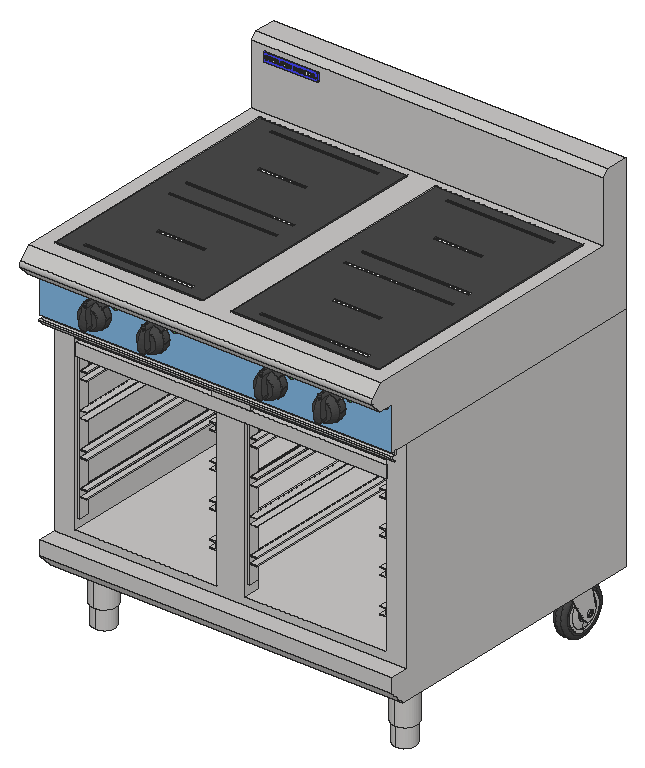
Revit family "QF_Moffat_IN514R5-CB_Induction_Cooktop_cat", category Specialty Equipment, Revit 2019 (continued)
Definition of nested family "QF_LOGO_BLue Seal"
  Forms (mm)
    Extrusion 2, solid
      sketch origin (0, 0, 0) x (1, 0, 0) y (0, 0, 1)
        loop
          line (106.404, 14.317) -> (106.404, 8.169)
          arc (106.404, 8.169) -> (106.697, 7.461) -> (107.404, 7.169) r 1
          line (107.404, 7.169) -> (111.34, 7.169)
          arc (111.34, 7.169) -> (112.047, 7.461) -> (112.34, 8.169) r 1
          line (112.34, 8.169) -> (112.34, 9.135) -> (115.1, 9.135) -> (115.1, 8.169)
          arc (115.1, 8.169) -> (115.393, 7.461) -> (116.1, 7.169) r 1
          line (116.1, 7.169) -> (119.975, 7.169)
        loop
          arc (122.692, 8.169) -> (122.985, 7.461) -> (123.692, 7.169) r 1
          line (123.692, 7.169) -> (133.067, 7.169)
          arc (133.067, 7.169) -> (134.076, 8.178) -> (133.067, 9.188) r 1.01
          line (133.067, 9.188) -> (128.479, 9.188) -> (128.479, 14.317)
          arc (128.479, 14.317) -> (128.186, 15.024) -> (127.479, 15.317) r 1
          line (127.479, 15.317) -> (123.692, 15.317)
          arc (123.692, 15.317) -> (122.985, 15.024) -> (122.692, 14.317) r 1
          line (122.692, 14.317) -> (122.692, 8.169)
        loop
          line (8.019, 7.227) -> (8.019, 15.172)
          arc (8.019, 15.172) -> (4.133, 11.2) -> (8.019, 7.227) r 3.973
      from 0 to 3.2
    Extrusion 3, solid
      sketch origin (0, 0, 0) x (1, 0, 0) y (0, 0, 1)
        loop
          line (8.289, 15.169) -> (8.289, 7.231)
          arc (8.289, 7.231) -> (12.08, 11.2) -> (8.289, 15.169) r 3.973
      from 0 to 3.2
    Extrusion 4, solid
      sketch origin (16.271, 0, 0) x (-1, 0, 0) y (0, 0, -1)
        loop
          arc (8.252, -15.172) -> (12.138, -11.2) -> (8.252, -7.227) r 3.973
          line (8.252, -7.227) -> (8.252, -15.172)
      from 0 to 3.2
  Dimensions and locks
    equal spacing: plane 3 "LEFT", plane 7 "Center Y", plane 4 "RIGHT"
    "Length": plane 3 "LEFT" to plane 4 "RIGHT"
    equal spacing: plane 5 "FRONT", plane 8 "Center X", plane 1 "BACK"
    "Depth": plane 5 "FRONT" to plane 1 "BACK"
    "Height": plane 6 "TOP" to level
    plane 4 "RIGHT" to plane 3 "LEFT" = 138 mm
    aligned and locked: level to plane 2
  Automatic sketch dimensions
    Extrusion 1 sketch curve to Extrusion 1 sketch curve = 0 mm  (x12)
    Extrusion 1 sketch curve to plane 3 "LEFT" = 0 mm
    Extrusion 1 sketch curve to level = 0 mm
    Extrusion 1 sketch curve to plane 6 "TOP" = 0 mm
    plane 4 "RIGHT" to Extrusion 1 sketch curve = 0 mm
    plane 3 "LEFT" to Extrusion 1 sketch curve = 2 mm
    Extrusion 1 sketch curve to Extrusion 1 sketch curve = 2 mm
    plane 3 "LEFT" to Extrusion 1 sketch curve = 8.135 mm
    Extrusion 1 sketch curve to Extrusion 1 sketch curve = 7.524 mm
    Extrusion 1 sketch curve to Extrusion 1 sketch curve = 0.965 mm
    Extrusion 1 sketch curve to Extrusion 1 sketch curve = 1 mm  (x22)
    Extrusion 1 sketch curve to Extrusion 1 sketch curve = 4.503 mm
    Extrusion 1 sketch curve to Extrusion 1 sketch curve = 2.434 mm  (x2)
    Extrusion 1 sketch curve to Extrusion 1 sketch curve = 4.362 mm
    Extrusion 1 sketch curve to Extrusion 1 sketch curve = 3.517 mm
    Extrusion 1 sketch curve to Extrusion 1 sketch curve = 3.787 mm  (x2)
    Extrusion 1 sketch curve to Extrusion 1 sketch curve = 4.787 mm
    Extrusion 1 sketch curve to Extrusion 1 sketch curve = 4.588 mm
    Extrusion 1 sketch curve to Extrusion 1 sketch curve = 1.798 mm
    Extrusion 1 sketch curve to Extrusion 1 sketch curve = 1.956 mm  (x2)
    Extrusion 1 sketch curve to Extrusion 1 sketch curve = 3.735 mm
    Extrusion 1 sketch curve to Extrusion 1 sketch curve = 3.779 mm
    Extrusion 1 sketch curve to Extrusion 1 sketch curve = 1.146 mm
    Extrusion 1 sketch curve to Extrusion 1 sketch curve = 3.631 mm
    Extrusion 1 sketch curve to Extrusion 1 sketch curve = 3.713 mm
    Extrusion 1 sketch curve to Extrusion 1 sketch curve = 0.959 mm
    Extrusion 1 sketch curve to Extrusion 1 sketch curve = 1.688 mm
    Extrusion 1 sketch curve to plane 7 "Center Y" = 3.94 mm
    plane 7 "Center Y" to Extrusion 1 sketch curve = 0.777 mm
    plane 7 "Center Y" to Extrusion 1 sketch curve = 0.845 mm
    plane 7 "Center Y" to Extrusion 1 sketch curve = 0.988 mm
    Extrusion 1 sketch curve to Extrusion 1 sketch curve = 7.327 mm
    Extrusion 1 sketch curve to Extrusion 1 sketch curve = 4.556 mm
    Extrusion 1 sketch curve to Extrusion 1 sketch curve = 3.087 mm
    Extrusion 1 sketch curve to Extrusion 1 sketch curve = 4.657 mm  (x2)
    Extrusion 1 sketch curve to Extrusion 1 sketch curve = 0.004 mm
    Extrusion 1 sketch curve to Extrusion 1 sketch curve = 0.996 mm  (x2)
    Extrusion 1 sketch curve to Extrusion 1 sketch curve = 1.402 mm
    Extrusion 1 sketch curve to Extrusion 1 sketch curve = 5.025 mm
    Extrusion 1 sketch curve to Extrusion 1 sketch curve = 4.717 mm
    Extrusion 1 sketch curve to Extrusion 1 sketch curve = 4.785 mm
    Extrusion 1 sketch curve to Extrusion 1 sketch curve = 0.211 mm
    Extrusion 1 sketch curve to Extrusion 1 sketch curve = 2.645 mm
    Extrusion 1 sketch curve to Extrusion 1 sketch curve = 3.936 mm
    Extrusion 1 sketch curve to Extrusion 1 sketch curve = 0.5 mm  (x2)
    Extrusion 1 sketch curve to Extrusion 1 sketch curve = 1.76 mm
    Extrusion 1 sketch curve to Extrusion 1 sketch curve = 2.76 mm
    Extrusion 1 sketch curve to Extrusion 1 sketch curve = 4.875 mm
    Extrusion 1 sketch curve to Extrusion 1 sketch curve = 3.875 mm
    Extrusion 1 sketch curve to Extrusion 1 sketch curve = 1.717 mm
    plane 4 "RIGHT" to Extrusion 1 sketch curve = 4.933 mm
    plane 4 "RIGHT" to Extrusion 1 sketch curve = 2 mm  (x2)
    level to Extrusion 1 sketch curve = 7.169 mm  (x5)
    Extrusion 1 sketch curve to Extrusion 1 sketch curve = 5.169 mm
    Extrusion 1 sketch curve to Extrusion 1 sketch curve = 0.983 mm  (x2)
    Extrusion 1 sketch curve to Extrusion 1 sketch curve = 1.01 mm  (x2)
    Extrusion 1 sketch curve to Extrusion 1 sketch curve = 0.376 mm
    Extrusion 1 sketch curve to Extrusion 1 sketch curve = 0.588 mm
    Extrusion 1 sketch curve to Extrusion 1 sketch curve = 0.966 mm
    Extrusion 1 sketch curve to Extrusion 1 sketch curve = 2.037 mm  (x2)
    Extrusion 1 sketch curve to Extrusion 1 sketch curve = 0.772 mm  (x2)
    Extrusion 1 sketch curve to Extrusion 1 sketch curve = 0.952 mm
    Extrusion 1 sketch curve to Extrusion 1 sketch curve = 1.046 mm
    Extrusion 1 sketch curve to Extrusion 1 sketch curve = 1.28 mm  (x2)
    Extrusion 1 sketch curve to Extrusion 1 sketch curve = 1.878 mm
    Extrusion 1 sketch curve to Extrusion 1 sketch curve = 2.905 mm
    Extrusion 1 sketch curve to Extrusion 1 sketch curve = 3.031 mm
    Extrusion 1 sketch curve to Extrusion 1 sketch curve = 0.84 mm  (x2)
    Extrusion 1 sketch curve to Extrusion 1 sketch curve = 2.448 mm
    Extrusion 1 sketch curve to Extrusion 1 sketch curve = 2.202 mm
    Extrusion 1 sketch curve to Extrusion 1 sketch curve = 0.786 mm
    Extrusion 1 sketch curve to Extrusion 1 sketch curve = 1.332 mm
    Extrusion 1 sketch curve to Extrusion 1 sketch curve = 1.12 mm  (x2)
    Extrusion 1 sketch curve to Extrusion 1 sketch curve = 1.716 mm
    Extrusion 1 sketch curve to Extrusion 1 sketch curve = 1.051 mm  (x2)
    Extrusion 1 sketch curve to Extrusion 1 sketch curve = 4.147 mm
    Extrusion 1 sketch curve to Extrusion 1 sketch curve = 5.129 mm
    Extrusion 1 sketch curve to Extrusion 1 sketch curve = 0.051 mm
    Extrusion 1 sketch curve to Extrusion 1 sketch curve = 1.037 mm
    Extrusion 1 sketch curve to Extrusion 1 sketch curve = 0.516 mm
    plane 3 "LEFT" to Extrusion 1 sketch curve = 3.555 mm
    Extrusion 2 sketch curve to Extrusion 2 sketch curve = 0 mm  (x16)
    plane 3 "LEFT" to Extrusion 2 sketch curve = 8.019 mm
    Extrusion 2 sketch curve to Extrusion 2 sketch curve = 0.088 mm
    Extrusion 2 sketch curve to Extrusion 2 sketch curve = 0.029 mm
    Extrusion 2 sketch curve to Extrusion 2 sketch curve = 0.27 mm
    Extrusion 2 sketch curve to Extrusion 2 sketch curve = 7.371 mm
    Extrusion 2 sketch curve to Extrusion 2 sketch curve = 0.965 mm
    Extrusion 2 sketch curve to Extrusion 2 sketch curve = 1 mm  (x24)
    Extrusion 2 sketch curve to Extrusion 2 sketch curve = 4.503 mm
    Extrusion 2 sketch curve to Extrusion 2 sketch curve = 2.434 mm
    Extrusion 2 sketch curve to Extrusion 2 sketch curve = 4.362 mm
    Extrusion 2 sketch curve to Extrusion 2 sketch curve = 3.517 mm
    Extrusion 2 sketch curve to Extrusion 2 sketch curve = 3.787 mm  (x2)
    Extrusion 2 sketch curve to Extrusion 2 sketch curve = 4.787 mm  (x2)
    Extrusion 2 sketch curve to Extrusion 2 sketch curve = 4.588 mm  (x2)
    Extrusion 2 sketch curve to Extrusion 2 sketch curve = 1.798 mm
    Extrusion 2 sketch curve to Extrusion 2 sketch curve = 1.956 mm
    Extrusion 2 sketch curve to Extrusion 2 sketch curve = 3.735 mm
    Extrusion 2 sketch curve to Extrusion 2 sketch curve = 1.146 mm
    Extrusion 2 sketch curve to Extrusion 2 sketch curve = 3.631 mm
    Extrusion 2 sketch curve to Extrusion 2 sketch curve = 3.713 mm
    Extrusion 2 sketch curve to Extrusion 2 sketch curve = 0.959 mm
    Extrusion 2 sketch curve to Extrusion 2 sketch curve = 1.688 mm
    Extrusion 2 sketch curve to plane 7 "Center Y" = 3.94 mm
    plane 7 "Center Y" to Extrusion 2 sketch curve = 0.777 mm
    plane 7 "Center Y" to Extrusion 2 sketch curve = 0.845 mm
    plane 7 "Center Y" to Extrusion 2 sketch curve = 0.988 mm
    Extrusion 2 sketch curve to Extrusion 2 sketch curve = 7.327 mm
    Extrusion 2 sketch curve to Extrusion 2 sketch curve = 4.556 mm
    Extrusion 2 sketch curve to Extrusion 2 sketch curve = 3.087 mm
    Extrusion 2 sketch curve to Extrusion 2 sketch curve = 4.657 mm  (x2)
    Extrusion 2 sketch curve to Extrusion 2 sketch curve = 0.004 mm
    Extrusion 2 sketch curve to Extrusion 2 sketch curve = 0.996 mm
    Extrusion 2 sketch curve to Extrusion 2 sketch curve = 1.402 mm
    Extrusion 2 sketch curve to Extrusion 2 sketch curve = 5.025 mm
    Extrusion 2 sketch curve to Extrusion 2 sketch curve = 4.717 mm
    Extrusion 2 sketch curve to Extrusion 2 sketch curve = 4.785 mm
    Extrusion 2 sketch curve to Extrusion 2 sketch curve = 0.211 mm
    Extrusion 2 sketch curve to Extrusion 2 sketch curve = 2.578 mm
    Extrusion 2 sketch curve to Extrusion 2 sketch curve = 3.936 mm
    Extrusion 2 sketch curve to Extrusion 2 sketch curve = 0.5 mm  (x2)
    Extrusion 2 sketch curve to Extrusion 2 sketch curve = 1.76 mm
    Extrusion 2 sketch curve to Extrusion 2 sketch curve = 2.76 mm
    Extrusion 2 sketch curve to Extrusion 2 sketch curve = 3.875 mm
    Extrusion 2 sketch curve to Extrusion 2 sketch curve = 4.875 mm
    Extrusion 2 sketch curve to Extrusion 2 sketch curve = 1.717 mm
    level to Extrusion 2 sketch curve = 7.169 mm  (x6)
    level to Extrusion 2 sketch curve = 7.227 mm
    Extrusion 2 sketch curve to Extrusion 2 sketch curve = 0.003 mm
    Extrusion 2 sketch curve to Extrusion 2 sketch curve = 0.983 mm  (x2)
    Extrusion 2 sketch curve to Extrusion 2 sketch curve = 1.01 mm  (x2)
    Extrusion 2 sketch curve to Extrusion 2 sketch curve = 1.376 mm
    Extrusion 2 sketch curve to Extrusion 2 sketch curve = 0.588 mm
    Extrusion 2 sketch curve to Extrusion 2 sketch curve = 0.966 mm
    Extrusion 2 sketch curve to Extrusion 2 sketch curve = 2.037 mm  (x2)
    Extrusion 2 sketch curve to Extrusion 2 sketch curve = 0.772 mm  (x2)
    Extrusion 2 sketch curve to Extrusion 2 sketch curve = 1.539 mm
    Extrusion 2 sketch curve to Extrusion 2 sketch curve = 0.961 mm
    Extrusion 2 sketch curve to Extrusion 2 sketch curve = 1.28 mm  (x2)
    Extrusion 2 sketch curve to Extrusion 2 sketch curve = 1.878 mm
    Extrusion 2 sketch curve to Extrusion 2 sketch curve = 2.905 mm
    Extrusion 2 sketch curve to Extrusion 2 sketch curve = 3.969 mm
    Extrusion 2 sketch curve to Extrusion 2 sketch curve = 0.84 mm  (x2)
    Extrusion 2 sketch curve to Extrusion 2 sketch curve = 2.448 mm
    Extrusion 2 sketch curve to Extrusion 2 sketch curve = 2.202 mm
    Extrusion 2 sketch curve to Extrusion 2 sketch curve = 2.222 mm
    Extrusion 2 sketch curve to Extrusion 2 sketch curve = 1.332 mm
    Extrusion 2 sketch curve to Extrusion 2 sketch curve = 1.12 mm  (x2)
    Extrusion 2 sketch curve to Extrusion 2 sketch curve = 0.929 mm
    Extrusion 2 sketch curve to Extrusion 2 sketch curve = 1.051 mm  (x2)
    Extrusion 2 sketch curve to Extrusion 2 sketch curve = 5.129 mm  (x2)
    Extrusion 2 sketch curve to Extrusion 2 sketch curve = 4.147 mm
    Extrusion 2 sketch curve to Extrusion 2 sketch curve = 0.516 mm
    plane 3 "LEFT" to Extrusion 2 sketch curve = 3.555 mm
    plane 3 "LEFT" to Extrusion 3 sketch curve = 8.107 mm
    Extrusion 3 sketch curve to Extrusion 3 sketch curve = 0.182 mm
    level to Extrusion 3 sketch curve = 7.231 mm
    Extrusion 3 sketch curve to Extrusion 3 sketch curve = 3.969 mm
    Extrusion 4 sketch curve to plane 3 "LEFT" = 8.107 mm
    Extrusion 4 sketch curve to Extrusion 4 sketch curve = 0.088 mm
    Extrusion 4 sketch curve to level = 7.227 mm
    Extrusion 4 sketch curve to Extrusion 4 sketch curve = 3.972 mm
Definition of nested family "6 INCHES 02_CASTER"
  Parameters (values of type "6 INCHES 02_CASTER")
    Weight = ""
    URL Manufacturer = ""
    URL Cutsheet = ""
    URL = ""
    Type Mark [instance] = ""
    Specification by User [instance] = ""
    Specification by Manufacturer = ""
    Show Casters [instance] = yes
    Serial Number = ""
    Seismic Rating = ""
    SMACNA No = ""
    Revision Code [instance] = ""
    Omniclass Number and Title = ""
    NAFEM Spec ID Number = ""
    Model = ""
    MasterSpec. = ""
    Manufacturer = ""
    Item Number [instance] = ""
    Installed By [instance] = ""
    Identify Quantity as Lot [instance] = yes
    Furnished By [instance] = ""
    Foodservice Equipment Identifier [instance] = yes
    Description = ""
    CSI MasterFormat = ""
    CSI Master Format = ""
  Reference planes
    plane 1 "BACK": y = 0
    plane 2: z = 0
    plane 3 "LEFT": x = 0
    plane 4 "RIGHT": x = 0
    plane 5 "FRONT": y = 0
    plane 6 "TOP": z = 150
  Forms (mm)
    Revolve 1, solid, visible <- "Show Casters"
      sketch origin (-56.335, 0, -6.35) x (-1, 0, 0) y (0, 0, 1)
        loop
          line (-56.335, 152.4) -> (-56.335, 141.118) -> (-23.798, 141.118) -> (-23.798, 152.4) -> (-56.335, 152.4)
        axis (-56.335, 141.118) -> (-56.335, 152.4)
      angle from 0 to 360
    Extrusion 2, solid, visible <- "Show Casters"
      sketch origin (6.501, 53.083, -4.762) x (0, 1, 0) y (0, 0, 1)
        loop
          line (-85.799, 139.531) -> (-85.799, 133.181) -> (-42.478, 58.614)
          arc (-42.478, 58.614) -> (-16.638, 50.199) -> (-6.442, 75.39) r 19.923
          line (-6.442, 75.39) -> (-20.366, 139.531) -> (-85.799, 139.531)
      from 20.058 to 22.923
    Extrusion 3, solid, visible <- "Show Casters"
      sketch origin (0, 0, 146.05) x (0, 1, 0) y (-1, 0, 0)
        loop
          circle (0, 0) r 19.05
      from 0 to 3.95
    Extrusion 4, solid, visible <- "Show Casters"
      sketch origin (-6.501, 53.083, -4.762) x (0, 1, 0) y (0, 0, -1)
        loop
          line (-85.799, -133.181) -> (-85.799, -139.531) -> (-20.366, -139.531) -> (-6.442, -75.39)
          arc (-6.442, -75.39) -> (-16.638, -50.199) -> (-42.478, -58.614) r 19.923
          line (-42.478, -58.614) -> (-85.799, -133.181)
      from 20.058 to 22.923
    Extrusion 5, solid, visible <- "Show Casters"
      sketch origin (0, -3.253, 19.05) x (0, 1, 0) y (0, 0, 1)
        loop
          line (-29.464, 115.718) -> (-29.464, 109.368) -> (35.969, 109.368) -> (35.969, 115.718) -> (-29.464, 115.718)
      from -26.559 to 26.559
    Revolve 6, solid, visible <- "Show Casters"
      sketch origin (-49.213, 28.39, -3.252) x (1, 0, 0) y (0, 0, 1)
        loop
          line (14.841, 65.192) -> (14.841, 61.686) -> (16.111, 60.416) -> (17.635, 60.416) -> (17.635, 56.97) -> (29.782, 56.97) -> (29.782, 46.925) -> (33.069, 45.027) -> (36.232, 25.477) -> (32.544, 25.477) -> (32.544, 19.127) -> (33.338, 19.127) -> (33.338, 12.777)
          arc (33.338, 12.777) -> (36.127, 6.041) -> (42.863, 3.252) r 9.525
          line (42.863, 3.252) -> (55.563, 3.252)
          arc (55.563, 3.252) -> (62.298, 6.041) -> (65.088, 12.777) r 9.525
          line (65.088, 12.777) -> (65.088, 19.127) -> (65.881, 19.127) -> (65.881, 25.477) -> (62.193, 25.477) -> (65.371, 45.116) -> (68.644, 47.006) -> (68.644, 56.97) -> (80.79, 56.97) -> (80.79, 60.416) -> (82.314, 60.416) -> (83.584, 61.686) -> (83.584, 65.192) -> (14.841, 65.192)
        axis (14.841, 65.192) -> (83.584, 65.192)
      angle from 0 to 360
  Cuts and joins
    joined: Extrusion 2, Extrusion 4, Extrusion 5
  Lines and regions (mm)
    symbolic lines, visible <- "Show Casters"
      curve 1: line (11.652, 51.878, 0) -> (39.148, 36.003, 0)
      curve 2: line (-39.148, -36.11, 0) -> (-20.098, -3.115, 0)
      curve 3: line (-11.652, -51.985, 0) -> (-39.148, -36.11, 0)
      curve 4: line (39.148, 36.003, 0) -> (20.098, 3.007, 0)
      curve 5: line (-7.398, 18.882, 0) -> (11.652, 51.878, 0)
      curve 6: line (7.398, -18.99, 0) -> (-11.652, -51.985, 0)
  Dimensions and locks
    plane 6 "TOP" to level = 150 mm  (x2)
    aligned and locked: level to plane 2
Definition of nested family "Knob"
  Parameters (values of type "Knob")
    Weight in Pounds = 0
    URL Cutsheet = ""
    Specification by User = ""
    Specification by Manufacturer = ""
    Serial Number = ""
    Seismic Rating = ""
    SMACNA No = ""
    Revision Code = ""
    NAFEM Spec ID Number = ""
    Masterspec = ""
    Length = 65 mm
    Item Number = ""
    Installed By = ""
    Identify Quantity as Lot = yes
    Height = 69.5 mm
    Furnished By = ""
    Foodservice Equipment Identifier = yes
    Depth = 59 mm
    CSI MasterFormat = ""
  Reference planes
    plane 1 "BACK": y = 0
    plane 2: z = 0
    plane 3 "LEFT": x = 0
    plane 4 "RIGHT": x = 65
    plane 5 "FRONT": y = -59
    plane 6 "TOP": z = 69.5
    plane 7 "Center Y": x = 32.5
    plane 8 "Center X": y = -29.5
  Forms (mm)
    Revolve 1, solid
      sketch origin (32.5, 175.397, 1219.2) x (0, 1, 0) y (0, 0, 1)
        loop
          line (-175.397, -1186.7) -> (-219.397, -1186.7) -> (-219.397, -1211.501) -> (-202.106, -1219.2) -> (-185.397, -1219.2) -> (-185.397, -1191.7) -> (-175.397, -1191.7) -> (-175.397, -1186.7)
        axis (-219.397, -1186.7) -> (-175.397, -1186.7)
      angle from 0 to 360
    Extrusion 2, solid
      sketch origin (32.5, 175.397, 1219.2) x (0, 1, 0) y (0, 0, 1)
        loop
          line (-202.106, -1154.2) -> (-185.397, -1154.2) -> (-185.397, -1149.7) -> (-224.105, -1149.7)
          arc (-224.105, -1149.7) -> (-233.965, -1178.467) -> (-230.696, -1208.7) r 70
          line (-230.696, -1208.7) -> (-219.397, -1208.7) -> (-219.397, -1161.899) -> (-202.106, -1154.2)
      from -15 to 15
    Extrusion 3, void
      sketch origin (0, 0, 0) x (1, 0, 0) y (0, 0, 1)
        loop
          line (27.501, 64.613) -> (22.02, 20.585)
          arc (22.02, 20.585) -> (32.792, 10.488) -> (42.986, 21.169) r 10.487
          line (42.986, 21.169) -> (37.499, 64.613)
          arc (37.499, 64.613) -> (32.5, 69.5) -> (27.501, 64.613) r 5
        loop
          line (10, 72.977) -> (10, 5.625) -> (55, 5.625) -> (55, 72.977) -> (10, 72.977)
      from 6.142 to 69.687
    Extrusion 4, solid
      sketch origin (0, -34.115, -16.916) x (1, 0, 0) y (0, 0.45399, 0.891007)
        loop
          circle (32.497, 65) r 2
      from 51.525 to 53.075
    Extrusion 5, solid
      sketch origin (32.5, -10, 32.5) x (0, 0, -1) y (-1, 0, 0)
        loop
          line (-23.54, -22.408) -> (-24.106, -22.974)
          arc (-24.106, -22.974) -> (-23.547, -23.547) -> (-22.974, -24.106) r 33.3
          line (-22.974, -24.106) -> (-22.408, -23.54)
          arc (-22.408, -23.54) -> (-22.981, -22.981) -> (-23.54, -22.408) r 32.5
        loop
          arc (-0.8, -33.29) -> (0, -33.3) -> (0.8, -33.29) r 33.3
          line (0.8, -33.29) -> (0.8, -32.49)
          arc (0.8, -32.49) -> (0, -32.5) -> (-0.8, -32.49) r 32.5
          line (-0.8, -32.49) -> (-0.8, -33.29)
        loop
          arc (23.54, -22.408) -> (22.981, -22.981) -> (22.408, -23.54) r 32.5
          line (22.408, -23.54) -> (22.974, -24.106)
          arc (22.974, -24.106) -> (23.547, -23.547) -> (24.106, -22.974) r 33.3
          line (24.106, -22.974) -> (23.54, -22.408)
        loop
          arc (-23.54, 22.408) -> (-22.981, 22.981) -> (-22.408, 23.54) r 32.5
          line (-22.408, 23.54) -> (-22.974, 24.106)
          arc (-22.974, 24.106) -> (-23.547, 23.547) -> (-24.106, 22.974) r 33.3
          line (-24.106, 22.974) -> (-23.54, 22.408)
        loop
          line (-0.8, 33.29) -> (-0.8, 32.49)
          arc (-0.8, 32.49) -> (0, 32.5) -> (0.8, 32.49) r 32.5
          line (0.8, 32.49) -> (0.8, 33.29)
          arc (0.8, 33.29) -> (0, 33.3) -> (-0.8, 33.29) r 33.3
        loop
          line (32.49, -0.8) -> (33.29, -0.8)
          arc (33.29, -0.8) -> (33.3, 0) -> (33.29, 0.8) r 33.3
          line (33.29, 0.8) -> (32.49, 0.8)
          arc (32.49, 0.8) -> (32.5, 0) -> (32.49, -0.8) r 32.5
        loop
          arc (24.106, 22.974) -> (23.547, 23.547) -> (22.974, 24.106) r 33.3
          line (22.974, 24.106) -> (22.408, 23.54)
          arc (22.408, 23.54) -> (22.981, 22.981) -> (23.54, 22.408) r 32.5
          line (23.54, 22.408) -> (24.106, 22.974)
      from 0 to -16.709
  Cuts and joins
    Extrusion 3 cuts Extrusion 2
  Dimensions and locks
    equal spacing: plane 3 "LEFT", plane 7 "Center Y", plane 4 "RIGHT"
    "Length": plane 3 "LEFT" to plane 4 "RIGHT"
    equal spacing: plane 5 "FRONT", plane 8 "Center X", plane 1 "BACK"
    "Depth": plane 5 "FRONT" to plane 1 "BACK"
    "Height": plane 6 "TOP" to level
    plane 4 "RIGHT" to plane 3 "LEFT" = 65 mm
    aligned and locked: level to plane 2
  Automatic sketch dimensions
    Revolve 1 sketch curve to level = 0 mm
    Revolve 1 sketch curve to plane 1 "BACK" = 0 mm  (x2)
    plane 1 "BACK" to Revolve 1 sketch curve = 10 mm
    plane 8 "Center X" to Revolve 1 sketch curve = 2.791 mm
    Revolve 1 sketch curve to plane 8 "Center X" = 14.5 mm
    level to Revolve 1 sketch curve = 7.699 mm
    level to Revolve 1 sketch curve = 27.5 mm
    Revolve 1 sketch curve to Revolve 1 sketch curve = 5 mm
    Revolve 1 sketch curve to Revolve 1 sketch curve = 35 mm
    Revolve 1 sketch curve to Revolve 1 sketch curve = 0 mm
    Extrusion 2 sketch curve to plane 6 "TOP" = 0 mm
    Extrusion 2 sketch curve to plane 5 "FRONT" = 3.702 mm
    Extrusion 2 sketch curve to plane 5 "FRONT" = 10.293 mm
    Extrusion 2 sketch curve to Extrusion 2 sketch curve = 11.298 mm
    plane 8 "Center X" to Extrusion 2 sketch curve = 2.791 mm
    plane 1 "BACK" to Extrusion 2 sketch curve = 10 mm
    Extrusion 2 sketch curve to plane 1 "BACK" = 11 mm
    Extrusion 2 sketch curve to plane 6 "TOP" = 4.5 mm
    Extrusion 2 sketch curve to plane 6 "TOP" = 12.199 mm
    level to Extrusion 2 sketch curve = 32.962 mm
    level to Extrusion 3 sketch curve = 5.625 mm
    Extrusion 3 sketch curve to plane 7 "Center Y" = 0 mm  (x2)
    Extrusion 3 sketch curve to plane 7 "Center Y" = 4.999 mm
    Extrusion 3 sketch curve to plane 7 "Center Y" = 10.48 mm
    plane 6 "TOP" to Extrusion 3 sketch curve = 3.477 mm
    plane 3 "LEFT" to Extrusion 3 sketch curve = 10 mm
    Extrusion 3 sketch curve to plane 6 "TOP" = 4.887 mm
    Extrusion 3 sketch curve to Extrusion 3 sketch curve = 4.999 mm
    plane 7 "Center Y" to Extrusion 3 sketch curve = 10.486 mm
    level to Extrusion 3 sketch curve = 20.585 mm
    Extrusion 3 sketch curve to Extrusion 3 sketch curve = 0.387 mm
    Extrusion 3 sketch curve to Extrusion 3 sketch curve = 0.113 mm
    plane 4 "RIGHT" to Extrusion 3 sketch curve = 10 mm
    Extrusion 5 sketch curve to Revolve 1 = 32.49 mm
    Revolve 1 to Extrusion 5 sketch curve = 32.49 mm
    Extrusion 5 sketch curve to Revolve 1 = 23.54 mm  (x2)
    Revolve 1 to Extrusion 5 sketch curve = 23.54 mm  (x2)
    Extrusion 5 sketch curve to Revolve 1 = 24.106 mm  (x2)
    Revolve 1 to Extrusion 5 sketch curve = 24.106 mm  (x2)
    Revolve 1 to Extrusion 5 sketch curve = 22.408 mm  (x2)
    Extrusion 5 sketch curve to Revolve 1 = 22.408 mm  (x2)
    Revolve 1 to Extrusion 5 sketch curve = 22.974 mm  (x2)
    Extrusion 5 sketch curve to Revolve 1 = 22.974 mm  (x2)
    Extrusion 5 sketch curve to Extrusion 5 sketch curve = 1.6 mm  (x2)
    Revolve 1 to Extrusion 5 sketch curve = 0.8 mm
    Extrusion 5 sketch curve to Revolve 1 = 0.8 mm
    Extrusion 4 sketch curve to plane 7 "Center Y" = 0.003 mm
    radius of Extrusion 5 sketch curve to Revolve 1 = 0 mm  (x7)
    radius of Revolve 1 to Extrusion 5 sketch curve = 0.8 mm  (x7)
    radius of Extrusion 4 sketch curve = 2 mm
